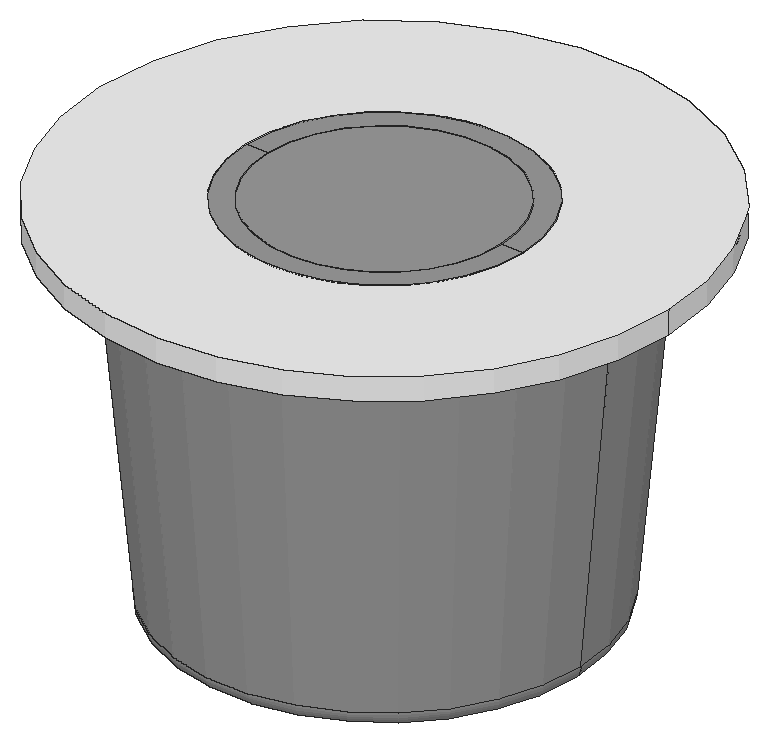
Revit family "3079315 Lighting Fixture_Sylvania_Instar Eco Kit LED Fixed SunDim_Ceiling Recessed", category Lighting Fixtures, host Face, Revit 2017
Family settings
  Host = Face
  Round Connector Dimension = Use Diameter
  Part Type = Normal
  OmniClass Number = 23.80.70.11.17
  OmniClass Title = Specialized Lighting by Location or Use
  Cut with Voids When Loaded = No
  Light Source = Yes
  Shared = No
  Room Calculation Point = No
Parameters (values of type "Instar Eco Kit LED WH FIX HD")
  Reflector Radius = Reflector Diameter / 2  # 19.0 mm
  Reflector Material = Steel_Sylvania_Instar Eco Kit LED Fixed SunDim_Silver
  Reflector Diameter = Diameter - 40.0 mm  # 38.0 mm
  Radius = 39.0 mm
  Housing Radius = Reflector Radius + 12.0 mm  # 31.0 mm
  Energy Class = "A++, A+, A"  # constant formula
  Diffuser Diameter = Diameter - 46.0 mm  # 32.0 mm
  Diameter = Radius * 2  # 78.0 mm
  Wattage = 12 W
  built-in parameter 1150110 = 1 (stored number, unit not read)
  Voltage Comments = "UNV (Universal Voltage; 220-240 Volt)"  # constant formula
  Voltage = 230 V  # constant formula
  URL = "http://www.sylvania-lighting.com"
  built-in parameter 1114217 = 1 (stored number, unit not read)
  Tilt Angle = -90°
  built-in parameter 1150109 = 1 (stored number, unit not read)
  built-in parameter 1150134 = (empty or 0)
  built-in parameter 1150113 = 1 (stored number, unit not read)
  Product Page URL = "http://www.sylvania-lighting.com/product/en-int/products/3079315"
  Product Family = "Instar Eco Kit LED Fixed SunDim"  # constant formula
  Photometry Comments = ""
  Photometric Web File = "3079315_InstarEcoKitLEDWHFIXHD-191613.ies"
  Life = "35 000 h"  # constant formula
  IP Rating = "IP44"  # constant formula
  Emit from Circle Diameter = Diffuser Diameter  # 32.0 mm
  Emit Shape Visible in Rendering = no
  Drive Current = "350mA"  # constant formula
  Diffuser Material = Polycarbonate_Sylvania_Instar Eco Kit LED Fixed SunDimi_Clear
  Height = 50.0 mm
  Cutout Diameter = Diameter - 10.0 mm  # 68.0 mm
  built-in parameter 1114216 [instance] = 1 (stored number, unit not read)
  Model = "Instar Eco Kit LED WH FIX HD"
  Manufacturer = "Feilo Sylvania"  # constant formula
  built-in parameter 1150105 = 39.792 (stored number, unit not read)
  Lumens = 500.04 lm
  built-in parameter 1150115 = 1 (stored number, unit not read)
  built-in parameter 1150137 = (empty or 0)
  built-in parameter 1150139 = (empty or 0)
  built-in parameter 1150112 = 1 (stored number, unit not read)
  built-in parameter 1150114 = 1 (stored number, unit not read)
  Lamp Comments = "Integrated LED"  # constant formula
  Lamp = "LED"
  built-in parameter 1150132 = 2
  built-in parameter 1150102 = (empty or 0)
  built-in parameter 1150107 = 3000 (stored number, unit not read)
  built-in parameter 1150138 = (empty or 0)
  built-in parameter 1150106 = 0.39792 (stored number, unit not read)
  CRI (Ra) = "92-94"  # constant formula
  Body Material = Steel_Sylvania_Instar Eco Kit LED Fixed SunDim_Silver
  built-in parameter 1150104 = 3.8713 (stored number, unit not read)
  Dimming Lamp Color Temperature Shift = <None>
  Description = "Significant energy savings compared to traditional CFL and 2D fixtures . Excellent flashing provides perfect homogenous light distribution . Unique feature allowing a choice between High Output or High efficiency with the flick of a switch. 50,000 hours life, providing a maintenance free lighting solution . Halo backlight . IP65 fitting resistant to dust and water jet ingress. Tamper resistant locking feature . Ceiling or wall mounted . Integral emergency options suitable for use on defined escape routes. Low profile fitting . Choice of White and Brushed Aluminium trim finishes. Option to add microwave sensor for maximum energy savings"  # constant formula
  Default Elevation = 0.0 mm
  Color Filter = 16777215
  Catalog Number = "3079315 Instar Eco Kit LED WH FIX HD"
  built-in parameter 1140040 [instance] = 1
  Beam Angle = 36°  # constant formula
  built-in parameter 1114218 = 1 (stored number, unit not read)
  built-in parameter 1150133 = 10 (stored number, unit not read)
  Assembly Code = "D5020200"
  Apparent Load Comments = ""
  Apparent Load = 12 VA
  Accessory Material = Aluminum_Sylvania_Instar Eco Kit LED Fixed SunDim_White
Reference planes
  plane 1 "Center (Front/Back)": y = 0
  plane 2: z = 0
  plane 3 "Center (Left/Right)": x = 0
  plane 4 "Fixture Bottom": z = 3
  plane 5 "Reflector Top": z = -17.5
  plane 6 "Fixture Top": z = -47
  plane 7: z = -3.024
Forms (mm)
  Extrusion 1, solid, material "Aluminum_Sylvania_Instar Eco Kit LED Fixed SunDim_White" <- "Accessory Material", detail levels fine
    sketch origin (0, 0, 59) x (-1, 0, 0) y (0, -1, 0)
      loop
        circle (0, 0) r 39
      loop
        circle (0, 0) r 19
    from -59 to -56
  Revolve 2, solid, material "Steel_Sylvania_Instar Eco Kit LED Fixed SunDim_Silver" <- "Reflector Material", detail levels fine
    sketch origin (0, 0, 0) x (1, 0, 0) y (0, 0, 1)
      loop
        line (-19, 3) -> (-19, -1) -> (-16, -1)
        arc (-16, -1) -> (-13.541, -10.449) -> (-6.787, -17.5) r 19.382
        line (-6.787, -17.5) -> (0, -17.5) -> (0, -16.5) -> (-6.5, -16.5)
        arc (-6.5, -16.5) -> (-12.736, -9.839) -> (-15, -1) r 18.382
        line (-15, -1) -> (-15, 0) -> (-16, 0) -> (-16, 3) -> (-19, 3)
      axis (0, 3) -> (0, -17.5)
    angle from 0 to 360
  Extrusion 3, solid, material "Polycarbonate_Sylvania_Instar Eco Kit LED Fixed SunDimi_Clear" <- "Diffuser Material", detail levels fine
    sketch origin (0, 0, 59) x (-1, 0, 0) y (0, -1, 0)
      loop
        circle (0, 0) r 16
    from -59 to -56
  Revolve 4, solid, material "Steel_Sylvania_Instar Eco Kit LED Fixed SunDim_Silver" <- "Body Material", detail levels fine
    sketch origin (0, 0, 0) x (1, 0, 0) y (0, 0, 1)
      loop
        line (-31, -3.024) -> (-27, -45)
        arc (-27, -45) -> (-26.414, -46.414) -> (-25, -47) r 2
        line (-25, -47) -> (0, -47) -> (0, -45) -> (-24.991, -45) -> (-29, -2.929) -> (-29, 0) -> (-31, 0) -> (-31, -3.024)
      axis (0, 0) -> (0, -47)
    angle from 0 to 360
  Extrusion 5, void
    sketch origin (0, 0, 59) x (-1, 0, 0) y (0, -1, 0)
      loop
        circle (0, 0) r 34
    from -106 to -56
  Revolve 6, solid, material "Aluminum_Sylvania_Instar Eco Kit LED Fixed SunDim_White" <- "Accessory Material", detail levels coarse+medium
    sketch origin (0, 0, 0) x (1, 0, 0) y (0, 0, 1)
      loop
        line (-31, -3.024) -> (-26.809, -47) -> (0, -47) -> (0, 3) -> (-39, 3) -> (-39, 0) -> (-31, 0) -> (-31, -3.024)
      axis (0, 3) -> (0, -47)
    angle from 0 to 360
Dimensions and locks
  plane 4 "Fixture Bottom" to plane 2 to plane 7 to plane 5 "Reflector Top" = 3.0 mm locked, 3.024 mm locked, 14.476 mm locked
  "Reflector Radius": plane 3 "Center (Left/Right)" to Revolve 2 sketch curve
  Revolve 2 sketch curve to Revolve 2 sketch curve to Revolve 2 sketch curve to Revolve 2 sketch curve = 3.0 mm locked, 1.0 mm locked, 8.5 mm locked
  locked: plane 4 "Fixture Bottom" to Revolve 2 sketch curve at 4
  locked: Revolve 2 sketch curve to Revolve 2 sketch curve at 1
  locked: Revolve 2 sketch curve to plane 5 "Reflector Top" at 1
  "Height": plane 4 "Fixture Bottom" to plane 6 "Fixture Top"
  "Housing Radius": plane 3 "Center (Left/Right)" to Revolve 4 sketch curve
  locked: Revolve 4 sketch curve to Revolve 4 sketch curve at 4
  locked: Revolve 4 sketch curve to Revolve 4 sketch curve at 6
  locked: Revolve 4 sketch curve to Revolve 4 sketch curve at 2  (x2)
  locked: Revolve 4 sketch curve to plane 6 "Fixture Top" at 2
  "Radius": plane 3 "Center (Left/Right)" to Revolve 6 sketch curve
  Revolve 6 sketch curve to Revolve 6 sketch curve to Revolve 6 sketch curve = 4.191 mm locked, 8.0 mm locked
  "Diameter": diameter of Extrusion 1 sketch curve
  "Reflector Diameter": diameter of Extrusion 1 sketch curve
  "Diffuser Diameter": diameter of Extrusion 3 sketch curve
  "Cutout Diameter": diameter of Extrusion 5 sketch curve
  aligned and locked: plane 2 to host face
  aligned and locked: level to host face
  aligned and locked: Extrusion 1 to plane 2
  aligned and locked: plane 4 "Fixture Bottom" to Extrusion 1
  aligned and locked: Extrusion 1 to Revolve 2 sketch curve
  aligned and locked: Revolve 2 sketch curve to plane 5 "Reflector Top"
  aligned and locked: Revolve 2 sketch curve to plane 3 "Center (Left/Right)"
  aligned and locked: Revolve 2 sketch curve to Revolve 2 sketch curve
  aligned and locked: Extrusion 3 to plane 2
  aligned and locked: plane 4 "Fixture Bottom" to Extrusion 3
  aligned and locked: Revolve 4 sketch curve to plane 2
  aligned and locked: Revolve 4 sketch curve to plane 3 "Center (Left/Right)"  (x2)
  aligned and locked: plane 6 "Fixture Top" to Extrusion 5
  aligned and locked: plane 4 "Fixture Bottom" to Extrusion 5
  aligned and locked: Revolve 6 sketch curve to plane 4 "Fixture Bottom"
  aligned and locked: Revolve 6 sketch curve to plane 2
  aligned and locked: Revolve 6 sketch curve to plane 6 "Fixture Top"
  aligned and locked: plane 1 "Center (Front/Back)" to imposter light
  aligned and locked: plane 3 "Center (Left/Right)" to imposter light
  aligned and locked: imposter light to plane 4 "Fixture Bottom"
Automatic sketch dimensions
  host sketch curve to host sketch curve = 1525.184 mm
  host sketch curve to host sketch curve = 1539.302 mm
  Extrusion 1 sketch curve to Extrusion 1 sketch curve = 0.0 mm  (x2)
  plane 1 "Center (Front/Back)" to Extrusion 1 sketch curve = 0.0 mm
  Extrusion 1 sketch curve to plane 3 "Center (Left/Right)" = 0.0 mm
  Revolve 2 sketch curve to Revolve 2 sketch curve = 0.0 mm  (x2)
  Revolve 2 sketch curve to plane 3 "Center (Left/Right)" = 0.0 mm
  Revolve 2 sketch curve to level = 0.0 mm
  plane 6 "Fixture Top" to Revolve 2 sketch curve = 306.274 mm
  plane 4 "Fixture Bottom" to Revolve 2 sketch curve = 426.738 mm
  plane 1 "Center (Front/Back)" to Extrusion 3 sketch curve = 0.0 mm
  Extrusion 3 sketch curve to plane 3 "Center (Left/Right)" = 0.0 mm
  Revolve 4 sketch curve to plane 6 "Fixture Top" = 0.0 mm
  Revolve 4 sketch curve to plane 7 = 0.0 mm
  plane 6 "Fixture Top" to Revolve 4 sketch curve = 325.274 mm
  plane 4 "Fixture Bottom" to Revolve 4 sketch curve = 446.738 mm
  plane 1 "Center (Front/Back)" to Extrusion 5 sketch curve = 0.0 mm
  Extrusion 5 sketch curve to plane 3 "Center (Left/Right)" = 0.0 mm
  Revolve 6 sketch curve to plane 3 "Center (Left/Right)" = 0.0 mm  (x2)
  Revolve 6 sketch curve to plane 7 = 0.0 mm
  Revolve 6 sketch curve to plane 4 "Fixture Bottom" = 0.0 mm
  plane 6 "Fixture Top" to Revolve 6 sketch curve = 325.274 mm
Connectors
  electrical at (0, 0, -47), driven by "Voltage", driven by "Apparent Load"
    settings: on Revolve 6, index 1, voltage 230 V, apparent load 0 VA, apparent load phase1 12 VA, apparent load phase2 0 VA, apparent load phase3 0 VA, power factor 1, load classification "Lighting", number of poles 1, system type 31, power factor state 1, is connector primary yes, connector utility no, sub classification motor no, connector description ""
